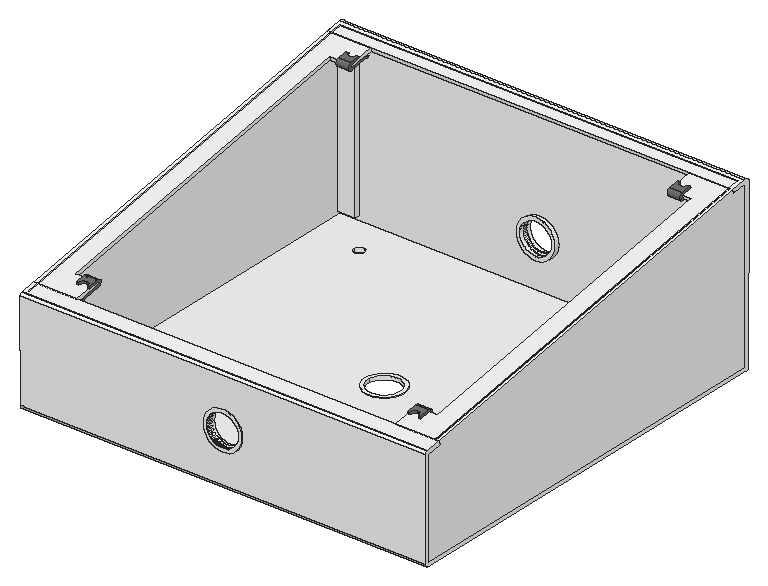
Revit family "SEA SERIES", category Communication Devices, Revit 2014
Parameters (values of type "SEA-18S")
  Width = 11.75"
  Warranty = "1 Year"
  URL = "https://www.atlasied.com"
  Specification by User (default) [instance] = "TBD"
  Regulatory Compliance = "UL Listed, 70V/100V Capable"
  Product Page URL = "https://www.atlasied.com/sea-i8s"
  Product Documentation Link = "https://www.atlasied.com/f/2864/ATS002382C%20IP%20Enclosures%20Datasheet.pdf"
  OmniClass Title = "AUDIO VISUAL ENCLOSURES"
  OmniClass Number = "23-37 27 15 13"
  Mount Material = QF_Rubber - Black - Smooth
  Model = "SEA-I8S"
  MaterFormat Title = "AUDIO VISUAL ENCLOSURES"
  MasterFormat = "27 42 19"
  Manufacturer URL = "https://www.atlasied.com"
  Manufacturer Phone = "(800) 876 - 3333"
  Manufacturer Email = "support@atlasied.com"
  Manufacturer Address = "4545 E. Baseline Rd., Phoenix, AZ 85042"
  Manufacturer = "ATLAS SOUND"
  Identify Quantity as Lot = yes
  IQ Category = "AUDIO VISUAL ENCLOSURES"
  Height = 5.00"
  Family Version = "2017-01"
  Family Code (default) = "LOUD SPEAKER ENCLOSURES"
  Enclosure Material = QF_Rubber - Black - Smooth
  Description = "SLANTED SURFACE MOUNT ENCLOSURE IS DESIGNED FOR USE ONLY WITH ATLAS SOUND LOUDSPEAKER SYSTEM MODELS I8S AND I8SM. THE SLOPE FRONT DESIGN ALLOWS FOR DIRECTIONAL SOUND DISPERSION. THE ENCLOSURE IS CONSTRUCTED OF 20-GAUGE CRS AND FINISHED IN TEXTURED WHITE EPOXY."
  Depth = 11.71"
  Cost MSRP = 0
  Cost = 0
  Color = QF_Plastic - White - Smooth
  Bottom Dimension = 3.00"
  Body Material = QF_Plastic - White - Smooth
Types (3): name | Width | Product Page URL | Model | Description | Depth | Bottom Dimension
  (no name) | 11.75" | "https://www.atlasied.com/sea-i8s" | "SEA-I8S" | "SLANTED SURFACE MOUNT ENCLOSURE IS DESIGNED FOR USE ONLY WITH ATLAS SOUND LOUDSPEAKER SYSTEM MODELS I8S AND I8SM. THE SLOPE FRONT DESIGN ALLOWS FOR DIRECTIONAL SOUND DISPERSION. THE ENCLOSURE IS CONSTRUCTED OF 20-GAUGE CRS AND FINISHED IN TEXTURED WHITE EPOXY." | 11.71" | 3.00"
  SEA-18S | 11.75" | "https://www.atlasied.com/sea-i8s" | "SEA-I8S" | "SLANTED SURFACE MOUNT ENCLOSURE IS DESIGNED FOR USE ONLY WITH ATLAS SOUND LOUDSPEAKER SYSTEM MODELS I8S AND I8SM. THE SLOPE FRONT DESIGN ALLOWS FOR DIRECTIONAL SOUND DISPERSION. THE ENCLOSURE IS CONSTRUCTED OF 20-GAUGE CRS AND FINISHED IN TEXTURED WHITE EPOXY." | 11.71" | 3.00"
  SEA-18SC | 13.00" | "https://www.atlasied.com/sea-i8sc\r\nhttps://www.atlasied.com/sea-i8sc\r\nhttps://www.atlasied.com/sea-i8sc\r\nhttps://www.atlasied.com/sea-i8sc\r\nhttps://www.atlasied.com/sea-i8sc" | "SEA-I8SC" | "STRAIGHT SURFACE MOUNT ENCLOSURE IS DESIGNED FOR USE ONLY WITH ATLAS SOUND LOUDSPEAKER SYSTEM MODELS I8SC AND I8SCM. THE UNIT PROVIDES AN ARCHITECTURALLY PLEASING APPEARANCE WITH CRISP LINES THAT BLEND WELL WITH MOST BUILDING INTERIORS. THE ENCLOSURE IS CONSTRUCTED OF 20-GAUGE CRS AND FINISHED IN RECLAIMED POWDER COAT FINISH.FEST-I8SCFLUSH MOUNT ENCLOSURE IS DESIGNED FOR USE ONLY WITH ATLAS SOUND LOUDSPEAKER SYSTEM MODELS I8SC, I8SCH, AND I8SCM. THE UNIT INCLUDES A SLOT STYLE MOUNTING SYSTEM TO ACCOMMODATE MOST ANY MATERIAL THICKNESS. THE ENCLOSURE IS CONSTRUCTED OF 20-GAUGE CRS AND FINISHED IN TEXTURED WHITE EPOXY.SEST-IHSTRAIGHT SURFACE MOUNT STAINLESS STEEL ENCLOSURE IS DESIGNED FOR USE ONLY WITH ATLAS SOUND LOUDSPEAKER SYSTEM MODEL IHVP. THE ENCLOSURE IS CONSTRUCTED OF 18-GAUGE STAINLESS STEEL AND FINISHED IN TEXTURED WHITE EPOXY.FEST-IHFLUSH MOUNT STAINLESS STEEL ENCLOSURE IS DESIGNED FOR USE ONLY WITH ATLAS SOUND LOUDSPEAKER SYSTEM MODEL IHVP. EXTERNAL MOUNTING WINGS ALLOW FOR EASY INSTALLATION INTO STUD MATERIAL. THE ENCLOSURE IS CONSTRUCTED OF 18-GAUGE STAINLESS STEEL. SEA SERIESSEST SERIESFEST SERIES" | 14.41" | 2.50"
Reference planes (in)
  plane 1 "BACK": y = 0
  plane 2: z = 0
  plane 3 "LEFT": x = 0
  plane 4 "RIGHT": x = 11.75
  plane 5 "FRONT": y = -11.71
  plane 6 "TOP": z = 5
  plane 7 "Center Y": x = 5.875
  plane 8 "Center X": y = -5.855
  plane 9: z = 2.5
Dimensions and locks (in)
  equal spacing: plane 3 "LEFT", plane 7 "Center Y", plane 4 "RIGHT"
  "Width": plane 3 "LEFT" to plane 4 "RIGHT"
  equal spacing: plane 5 "FRONT", plane 8 "Center X", plane 1 "BACK"
  "Depth": plane 5 "FRONT" to plane 1 "BACK"
  "Height": plane 6 "TOP" to level
  plane 5 "FRONT" to plane 1 "BACK" = 11.71"
  equal spacing: plane 6 "TOP", plane 9, level
  equal spacing: plane 4 "RIGHT", plane 7 "Center Y", plane 3 "LEFT"
  aligned and locked: level to plane 2
  aligned and locked: plane 7 "Center Y" to nested 1
  aligned and locked: nested 1 to plane 1 "BACK"
Nested families (in)
  nested 1: "SEA SERIES" at (0, -11.71, 0) x (1, 0, 0) z (0, 1, 0), type "SEA SERIES"
    with Specification by User (default) "TBD"
Definition of nested family "SEA SERIES"
  Parameters (values of type "SEA SERIES")
    Width = 11.75"
    Warranty = "TBD"
    URL = "TBD"
    Specification by User (default) [instance] = "TBD"
    Regulatory Compliance = "UL Listed, 70V/100V Capable"
    Product Page URL = "https://www.atlasied.com/sea-i8s"
    Product Documentation Link = "https://www.atlasied.com/f/2864/ATS002382C%20IP%20Enclosures%20Datasheet.pdf"
    Part Number = "SEA-I8S"
    OmniClass Title = "AUDIO VISUAL ENCLOSURES"
    OmniClass Number = "23-37 27 15 13"
    Mount Material = QF_Rubber - Black - Smooth
    Model = "SEA-I8S"
    MaterFormat Title = "AUDIO VISUAL ENCLOSURES"
    MasterFormat = "27 42 19"
    Manufacturer URL = "https://www.atlasied.com"
    Manufacturer Phone = "(800) 876 - 3333"
    Manufacturer Email = "support@atlasied.com"
    Manufacturer Address = "4545 E. Baseline Rd., Phoenix, AZ 85042"
    Manufacturer = "ATLAS SOUND"
    Ingress Protection = "TBD"
    Identify Quantity as Lot = yes
    IQ Category = "AUDIO VISUAL ENCLOSURES"
    Height = 11.71"
    Family Version = "2017-01"
    Family Code (default) = "LOUD SPEAKERS"
    Enclosure Material = QF_Rubber - Black - Smooth
    Description = "SLANTED SURFACE MOUNT ENCLOSURE IS DESIGNED FOR USE ONLY WITH ATLAS SOUND LOUDSPEAKER SYSTEM MODELS I8S AND I8SM. THE SLOPE FRONT DESIGN ALLOWS FOR DIRECTIONAL SOUND DISPERSION. THE ENCLOSURE IS CONSTRUCTED OF 20-GAUGE CRS AND FINISHED IN TEXTURED WHITE EPOXY."
    Depth = 5.00"
    Cost MSRP = 0
    Cost = 0
    Color = QF_Plastic - White - Smooth
    Bottom Dimension = 3.00"
    Body Material = QF_Plastic - White - Smooth
  Reference planes (in)
    plane 1 "BACK": y = 0
    plane 2: z = 0
    plane 3 "LEFT": x = 0
    plane 4 "RIGHT": x = 11.75
    plane 5 "FRONT": y = -5
    plane 6 "TOP": z = 11.71
    plane 7 "Center Y": x = 5.875
    plane 8 "Center X": y = -2.5
    plane 9: y = -3
    plane 10: y = -1.5
    plane 11: z = 5.855
  Forms (in)
    Extrusion 1, solid, material "QF_Plastic - White - Smooth" <- "Body Material"
      sketch origin (0, 0, 11.71) x (1, 0, 0) y (0, 0, 1)
        loop
          line (0.1, -0.24) -> (0.1, -11.528) -> (11.65, -11.528) -> (11.65, -0.24) -> (0.1, -0.24)
        loop
          line (0, -0.12) -> (0, -11.63) -> (11.75, -11.63) -> (11.75, -0.12) -> (0, -0.12)
      from 0.1 to 5
    Extrusion 2, void
      sketch origin (0, 0, 11.71) x (0, 0, 1) y (0, -1, 0)
        loop
          line (-11.63, 2.99984) -> (-0.12002, 5) -> (-11.63, 5) -> (-11.63, 2.99984)
      from 0 to 11.75 <- "Width"
    Extrusion 3, solid, material "QF_Plastic - White - Smooth" <- "Body Material"
      sketch origin (0, 0, 11.71) x (0, 0, 1) y (0, -1, 0)
        loop
          arc (-0.0772, 0) -> (-0.02367, 0.03142) -> (0, 0.08881) r 0.09737
          line (0, 0.08881) -> (0, 4.94009)
          arc (0, 4.94009) -> (-0.05236, 4.98535) -> (-0.12, 5) r 0.14003
          line (-0.12, 5) -> (-0.5578, 4.92391) -> (-0.54093, 4.82684) -> (-0.12, 4.9) -> (-0.12, 0.1) -> (-11.63, 0.1) -> (-11.63, 2.90038) -> (-11.18868, 2.97708) -> (-11.21, 3.07336) -> (-11.63234, 3)
          arc (-11.63234, 3) -> (-11.68037, 2.97733) -> (-11.71, 2.93325) r 0.09991
          line (-11.71, 2.93325) -> (-11.71, 0.08763)
          arc (-11.71, 0.08763) -> (-11.68682, 0.02846) -> (-11.63, 0) r 0.08866
          line (-11.63, 0) -> (-0.0772, 0)
      from 0 to 11.75 <- "Width"
    Extrusion 4, solid, material "QF_Plastic - White - Smooth" <- "Body Material"
      sketch origin (0, 0, 11.59) x (0, 0, 1) y (0, -1, 0)
        loop
          line (-0.12, 0.19853) -> (-0.12, 4.87968) -> (-0.24, 4.85882) -> (-0.24, 0.19853) -> (-0.12, 0.19853)
      from 0.1 to 0.63
    Extrusion 5, solid, material "QF_Metal - Stainless - Polished"
      sketch origin (11.75, 0, 0) x (0, -1, 0) y (0, 0, 1)
        loop
          line (0.1, 11.47) -> (0.1, 11.35) -> (4.85882, 11.35) -> (4.87968, 11.47) -> (0.1, 11.47)
      from 0.1 to 0.63
    Extrusion 6, solid, material "QF_Rubber - Black - Smooth" <- "Enclosure Material"
      sketch origin (1.25, -4.22964, 7.15692) x (0, -0.17121, 0.985235) y (0, -0.985235, -0.17121)
        loop
          line (3.61702, 0.00026) -> (3.61702, 0.05026) -> (3.32847, 0.05026)
          arc (3.32847, 0.05026) -> (3.22934, -0.04887) -> (3.32847, -0.148) r 0.09913
          line (3.32847, -0.148) -> (3.79386, -0.148) -> (3.91372, -0.1946) -> (3.93184, -0.148) -> (3.80324, -0.098) -> (3.32847, -0.098)
          arc (3.32847, -0.098) -> (3.27934, -0.04887) -> (3.32847, 0.00026) r 0.04913
          line (3.32847, 0.00026) -> (3.61702, 0.00026)
      from 0.005 to -0.36324
    Extrusion 7, solid, material "QF_Rubber - Black - Smooth" <- "Enclosure Material"
      sketch origin (1.25, -3.07243, 0.49769) x (0, -0.17121, 0.985235) y (0, -0.985235, -0.17121)
        loop
          line (0.46145, -0.00174) -> (0.75, -0.00174)
          arc (0.75, -0.00174) -> (0.79913, -0.05087) -> (0.75, -0.1) r 0.04913
          line (0.75, -0.1) -> (0.27523, -0.1) -> (0.14663, -0.15) -> (0.16475, -0.1966) -> (0.28461, -0.15) -> (0.75, -0.15)
          arc (0.75, -0.15) -> (0.84913, -0.05087) -> (0.75, 0.04826) r 0.09913
          line (0.75, 0.04826) -> (0.46145, 0.04826) -> (0.46145, -0.00174)
      from -0.36324 to 0.005
    Extrusion 8, solid, material "QF_Plastic - White - Smooth" <- "Body Material"
      sketch origin (11.75, 0, 0) x (0, -1, 0) y (0, 0, 1)
        loop
          line (0.1, 11.47) -> (0.1, 11.35) -> (4.85882, 11.35) -> (4.87968, 11.47) -> (0.1, 11.47)
      from 0.1 to 0.63
    Extrusion 9, solid, material "QF_Plastic - White - Smooth" <- "Body Material"
      sketch origin (0, -0.1, 11.71) x (-1, 0, 0) y (0, 0, 1)
        loop
          circle (-5.875, -5.855) r 0.5625
        loop
          circle (-5.875, -5.855) r 0.4625
      from 0 to 0.1
    Extrusion 10, solid, material "QF_Plastic - White - Smooth" <- "Body Material"
      sketch origin (0, -0.08881, 11.71) x (0, -1, 0) y (1, 0, 0)
        loop
          circle (1.411, 5.875) r 0.56
        loop
          circle (1.411, 5.875) r 0.46
      from -0.36 to -0.10816
    Extrusion 11, void
      sketch origin (0, 0, 0) x (1, 0, 0) y (0, 0, 1)
        loop
          circle (1.07088, 10.72049) r 0.11683
        loop
          circle (10.67912, 10.72049) r 0.11683
      from 4.53532 to 4.95392
    Extrusion 12, void
      sketch origin (0, -3, 0.07766) x (0, 0, -1) y (1, 0, 0)
        loop
          circle (-0.84698, 1.07088) r 0.13
        loop
          circle (-0.85529, 10.67912) r 0.13
      from -0.12616 to 0.39306
    Extrusion 13, void
      sketch origin (0, -2.93325, 0) x (0, -1, 0) y (1, 0, 0)
        loop
          circle (-1.43344, 5.875) r 0.46
      from 0 to 16.33494
    Extrusion 14, void
      sketch origin (0, 0, 0) x (1, 0, 0) y (0, 0, 1)
        loop
          circle (1.55124, 10.35745) r 0.15
      from 0 to 0.39821
    Extrusion 15, void
      sketch origin (11.75, 0, 0) x (-1, 0, 0) y (0, 0, -1)
        loop
          circle (1.55124, -10.35745) r 0.15
      from 0 to 0.39821
    Extrusion 16, void
      sketch origin (11.75, 0, 11.7) x (-1, 0, 0) y (0, 0, -1)
        loop
          circle (1.55124, 10.35745) r 0.15
      from 0 to 0.39821
    Extrusion 17, void
      sketch origin (0, 0, 11.7) x (1, 0, 0) y (0, 0, 1)
        loop
          circle (1.55124, -10.35745) r 0.15
      from 0 to 0.39821
    Extrusion 18, solid, material "QF_Plastic - White - Smooth" <- "Body Material"
      sketch origin (0, -5, 11.58998) x (0, 0.17121, -0.985235) y (1, 0, 0)
        loop
          line (0.43841, 0.1) -> (11.25854, 0.1) -> (11.25854, 1.25) -> (10.50854, 1.25) -> (10.50854, 0.63) -> (1.18841, 0.63) -> (1.18841, 1.25) -> (0.43841, 1.25) -> (0.43841, 0.1)
        loop
          line (0.43841, 11.65) -> (0.43841, 10.5) -> (1.18841, 10.5) -> (1.18841, 11.12) -> (10.50854, 11.12) -> (10.50854, 10.5) -> (11.25854, 10.5) -> (11.25854, 11.65) -> (0.43841, 11.65)
      from 0 to -0.1
    Extrusion 19, solid, material "QF_Rubber - Black - Smooth" <- "Enclosure Material"
      sketch origin (10.5, -4.79653, 10.41912) x (0, -0.17121, 0.985235) y (0, 0.985235, 0.17121)
        loop
          line (0.30593, -0.00026) -> (0.01738, -0.00026)
          arc (0.01738, -0.00026) -> (-0.03175, 0.04887) -> (0.01738, 0.098) r 0.04913
          line (0.01738, 0.098) -> (0.49214, 0.098) -> (0.62075, 0.148) -> (0.60263, 0.1946) -> (0.48277, 0.148) -> (0.01738, 0.148)
          arc (0.01738, 0.148) -> (-0.08175, 0.04887) -> (0.01738, -0.05026) r 0.09913
          line (0.01738, -0.05026) -> (0.30593, -0.05026) -> (0.30593, -0.00026)
      from 0.005 to -0.36324
    Extrusion 20, solid, material "QF_Rubber - Black - Smooth" <- "Enclosure Material"
      sketch origin (10.5, -3.07243, 0.49769) x (0, -0.17121, 0.985235) y (0, 0.985235, 0.17121)
        loop
          line (0.46145, 0.00174) -> (0.46145, -0.04826) -> (0.75, -0.04826)
          arc (0.75, -0.04826) -> (0.84913, 0.05087) -> (0.75, 0.15) r 0.09913
          line (0.75, 0.15) -> (0.28461, 0.15) -> (0.16475, 0.1966) -> (0.14663, 0.15) -> (0.27523, 0.1) -> (0.75, 0.1)
          arc (0.75, 0.1) -> (0.79913, 0.05087) -> (0.75, 0.00174) r 0.04913
          line (0.75, 0.00174) -> (0.46145, 0.00174)
      from -0.36324 to 0.005
    Extrusion 21, void
      sketch origin (0, -5, 0) x (1, 0, 0) y (0, 0, 1)
        loop
          circle (5.875, 5.855) r 0.4625
      from -5.03225 to -4.87893
    Extrusion 22, solid, material "QF_Plastic - White - Smooth" <- "Body Material"
      sketch origin (11.65, 0, 0.182) x (-1, 0, 0) y (0, -1, 0)
        loop
          circle (5.775, 1.49981) r 0.56
        loop
          circle (5.775, 1.49981) r 0.46
      from -0.182 to 0.07281
  Cuts and joins
    Extrusion 2, Extrusion 13 cuts Extrusion 1
    Extrusion 11, Extrusion 12, Extrusion 13, Extrusion 14, Extrusion 15, Extrusion 16, Extrusion 17, Extrusion 21 cuts Extrusion 3
    Extrusion 11 cuts Extrusion 6
    Extrusion 13 cuts Extrusion 10
    Extrusion 12 cuts Extrusion 20
    Extrusion 12 cuts Extrusion 7
    Extrusion 11 cuts Extrusion 19
  Lines and regions (in)
    symbolic lines
      curve 1: line (0, -5, 0) -> (0, 0, 0)
      curve 2: line (0, 0, 0) -> (11.75, 0, 0)
      curve 3: line (11.75, 0, 0) -> (11.75, -5, 0)
      curve 4: line (11.75, -5, 0) -> (0, -5, 0)
      curve 5: arc (5.875, -1.95981, 0) -> (5.41519, -1.5, 0) -> (5.875, -1.04019, 0) r 0.45981
      curve 6: arc (5.875, -1.04019, 0) -> (6.33481, -1.5, 0) -> (5.875, -1.95981, 0) r 0.45981
      curve 7: arc (5.875, -2.05981, 0) -> (6.43481, -1.5, 0) -> (5.875, -0.94019, 0) r 0.55981
      curve 8: arc (5.875, -0.94019, 0) -> (5.31519, -1.5, 0) -> (5.875, -2.05981, 0) r 0.55981
  Dimensions and locks (in)
    equal spacing: plane 3 "LEFT", plane 7 "Center Y", plane 4 "RIGHT"
    "Width": plane 3 "LEFT" to plane 4 "RIGHT"
    equal spacing: plane 5 "FRONT", plane 8 "Center X", plane 1 "BACK"
    "Depth": plane 5 "FRONT" to plane 1 "BACK"
    "Height": plane 6 "TOP" to level
    plane 5 "FRONT" to plane 1 "BACK" = 5.00"
    equal spacing: plane 9, plane 10, plane 1 "BACK"
    equal spacing: plane 6 "TOP", plane 11, level
    Extrusion 9 sketch curve to plane 11 = 0.00"
    Extrusion 9 sketch curve to plane 7 "Center Y" = 0.00"
    equal spacing: plane 4 "RIGHT", plane 7 "Center Y", plane 3 "LEFT"
    plane 4 "RIGHT" to plane 3 "LEFT" = 11.75"
    "Bottom Dimension": plane 9 to plane 1 "BACK"
    aligned and locked: level to plane 2
  Automatic sketch dimensions
    curve 5 to curve 6 = 0.00"  (x2)
    curve 5 to curve 7 = 0.00"  (x2)
    curve 5 to curve 8 = 0.00"  (x2)
    curve 6 to curve 7 = 0.00"  (x2)
    curve 6 to curve 8 = 0.00"  (x2)
    curve 7 to curve 8 = 0.00"  (x2)
    plane 1 "BACK" to curve 1 = 0.00"
    curve 1 to plane 3 "LEFT" = 0.00"
    curve 7 to plane 7 "Center Y" = 0.00"
    curve 3 to plane 4 "RIGHT" = 0.00"
    plane 5 "FRONT" to curve 3 = 0.00"
    curve 5 to plane 10 = 0.00"
    plane 8 "Center X" to curve 8 = 0.44019"
    curve 7 to curve 5 = 0.10"
    Extrusion 1 sketch curve to plane 3 "LEFT" = 0.00"
    plane 4 "RIGHT" to Extrusion 1 sketch curve = 0.00"
    plane 3 "LEFT" to Extrusion 1 sketch curve = 0.10"
    plane 4 "RIGHT" to Extrusion 1 sketch curve = 0.10"
    level to Extrusion 1 sketch curve = 0.08"
    Extrusion 1 sketch curve to Extrusion 1 sketch curve = 0.102"
    Extrusion 1 sketch curve to plane 6 "TOP" = 0.24"
    Extrusion 1 sketch curve to plane 6 "TOP" = 0.12"
    Extrusion 2 sketch curve to plane 5 "FRONT" = 0.00"
    level to Extrusion 2 sketch curve = 0.08"
    Extrusion 2 sketch curve to plane 6 "TOP" = 0.12002"
    plane 9 to Extrusion 2 sketch curve = 0.00016"
    Extrusion 3 sketch curve to level = 0.00"
    Extrusion 3 sketch curve to plane 9 = 0.00"
    Extrusion 3 sketch curve to plane 1 "BACK" = 0.00"
    Extrusion 3 sketch curve to plane 5 "FRONT" = 0.00"
    Extrusion 3 sketch curve to plane 6 "TOP" = 0.00"
    level to Extrusion 3 sketch curve = 0.07766"
    level to Extrusion 3 sketch curve = 0.08"  (x2)
    Extrusion 3 sketch curve to Extrusion 3 sketch curve = 0.00866"
    Extrusion 3 sketch curve to Extrusion 3 sketch curve = 0.01475"
    Extrusion 3 sketch curve to plane 9 = 0.07336"
    Extrusion 3 sketch curve to Extrusion 3 sketch curve = 0.42234"
    plane 9 to Extrusion 3 sketch curve = 0.02292"
    Extrusion 3 sketch curve to Extrusion 3 sketch curve = 0.02132"
    Extrusion 3 sketch curve to plane 5 "FRONT" = 0.07609"
    Extrusion 3 sketch curve to plane 6 "TOP" = 0.5578"
    Extrusion 3 sketch curve to plane 5 "FRONT" = 0.17316"
    Extrusion 3 sketch curve to Extrusion 3 sketch curve = 0.01687"
    Extrusion 3 sketch curve to plane 6 "TOP" = 0.12"
    Extrusion 3 sketch curve to Extrusion 3 sketch curve = 0.00509"
    Extrusion 3 sketch curve to Extrusion 3 sketch curve = 0.02284"
    Extrusion 3 sketch curve to plane 6 "TOP" = 0.0772"
    plane 1 "BACK" to Extrusion 3 sketch curve = 0.08763"
    plane 1 "BACK" to Extrusion 3 sketch curve = 0.08881"
    Extrusion 3 sketch curve to Extrusion 3 sketch curve = 0.01176"
    plane 9 to Extrusion 3 sketch curve = 0.09962"
    Extrusion 3 sketch curve to Extrusion 3 sketch curve = 0.00118"
    Extrusion 3 sketch curve to Extrusion 3 sketch curve = 0.03994"
    Extrusion 4 sketch curve to plane 6 "TOP" = 0.36"
    Extrusion 4 sketch curve to Extrusion 4 sketch curve = 0.12"
    plane 1 "BACK" to Extrusion 4 sketch curve = 0.19853"
    Extrusion 4 sketch curve to plane 5 "FRONT" = 0.14118"
    Extrusion 4 sketch curve to plane 5 "FRONT" = 0.12032"
    plane 1 "BACK" to Extrusion 5 sketch curve = 0.10"
    Extrusion 5 sketch curve to plane 5 "FRONT" = 0.14118"
    Extrusion 5 sketch curve to plane 5 "FRONT" = 0.12032"
    Extrusion 5 sketch curve to plane 6 "TOP" = 0.36"
    Extrusion 5 sketch curve to Extrusion 5 sketch curve = 0.12"
    Extrusion 6 sketch curve to Extrusion 6 sketch curve = 0.00"  (x2)
    Extrusion 18 to Extrusion 6 sketch curve = 0.01738"
    Extrusion 6 sketch curve to Extrusion 18 = 0.00026"
    Extrusion 6 sketch curve to Extrusion 6 sketch curve = 0.28855"
    Extrusion 6 sketch curve to Extrusion 18 = 0.048"  (x2)
    Extrusion 6 sketch curve to Extrusion 6 sketch curve = 0.17684"
    Extrusion 18 to Extrusion 6 sketch curve = 0.002"
    Extrusion 6 sketch curve to Extrusion 6 sketch curve = 0.00938"
    Extrusion 6 sketch curve to Extrusion 6 sketch curve = 0.11986"
    Extrusion 7 sketch curve to Extrusion 7 sketch curve = 0.00"  (x2)
    Extrusion 18 to Extrusion 7 sketch curve = 0.00"
    Extrusion 7 sketch curve to Extrusion 18 = 0.00"
    Extrusion 18 to Extrusion 7 sketch curve = 0.00174"
    Extrusion 7 sketch curve to Extrusion 18 = 0.28855"
    Extrusion 7 sketch curve to Extrusion 18 = 0.05"  (x2)
    Extrusion 7 sketch curve to Extrusion 7 sketch curve = 0.17684"
    Extrusion 7 sketch curve to Extrusion 7 sketch curve = 0.00938"
    Extrusion 7 sketch curve to Extrusion 7 sketch curve = 0.11986"
    plane 1 "BACK" to Extrusion 8 sketch curve = 0.10"
    Extrusion 8 sketch curve to plane 5 "FRONT" = 0.14118"
    Extrusion 8 sketch curve to plane 5 "FRONT" = 0.12032"
    Extrusion 8 sketch curve to plane 6 "TOP" = 0.36"
    Extrusion 8 sketch curve to Extrusion 8 sketch curve = 0.12"
    Extrusion 9 sketch curve to Extrusion 9 sketch curve = 0.00"  (x2)
    Extrusion 10 sketch curve to Extrusion 10 sketch curve = 0.00"  (x2)
    Extrusion 10 sketch curve to Extrusion 3 = 1.411"
    Extrusion 3 to Extrusion 10 sketch curve = 5.875"
    plane 3 "LEFT" to Extrusion 11 sketch curve = 1.07088"
    plane 4 "RIGHT" to Extrusion 11 sketch curve = 1.07088"
    Extrusion 11 sketch curve to plane 6 "TOP" = 0.98951"  (x2)
    level to Extrusion 12 sketch curve = 0.93294"
    level to Extrusion 12 sketch curve = 0.92463"
    plane 3 "LEFT" to Extrusion 12 sketch curve = 1.07088"
    plane 4 "RIGHT" to Extrusion 12 sketch curve = 1.07088"
    Extrusion 3 to Extrusion 13 sketch curve = 1.41218"
    Extrusion 13 sketch curve to Extrusion 3 = 5.875"
    plane 3 "LEFT" to Extrusion 14 sketch curve = 1.55124"
    Extrusion 14 sketch curve to plane 6 "TOP" = 1.35255"
    Extrusion 15 sketch curve to plane 4 "RIGHT" = 1.55124"
    plane 6 "TOP" to Extrusion 15 sketch curve = 1.35255"
    plane 4 "RIGHT" to Extrusion 16 sketch curve = 1.55124"
    level to Extrusion 16 sketch curve = 1.34255"
    Extrusion 17 sketch curve to plane 3 "LEFT" = 1.55124"
    Extrusion 17 sketch curve to level = 1.34255"
    Extrusion 2 to Extrusion 18 sketch curve = 0.10"  (x2)
    Extrusion 2 to Extrusion 18 sketch curve = 0.43841"  (x2)
    Extrusion 18 sketch curve to Extrusion 18 sketch curve = 0.75"  (x2)
    Extrusion 2 to Extrusion 18 sketch curve = 1.17394"  (x2)
    Extrusion 2 to Extrusion 18 sketch curve = 0.42394"  (x2)
    Extrusion 2 to Extrusion 18 sketch curve = 0.63"
    Extrusion 18 sketch curve to Extrusion 18 sketch curve = 0.62"  (x3)
    Extrusion 18 sketch curve to Extrusion 18 sketch curve = 1.15"
    Extrusion 2 to Extrusion 18 sketch curve = 1.25"
    Extrusion 19 sketch curve to Extrusion 19 sketch curve = 0.00"  (x2)
    Extrusion 19 sketch curve to Extrusion 18 = 0.01738"
    Extrusion 19 sketch curve to Extrusion 18 = 0.00026"
    Extrusion 19 sketch curve to Extrusion 19 sketch curve = 0.28855"
    Extrusion 19 sketch curve to Extrusion 18 = 0.048"  (x2)
    Extrusion 19 sketch curve to Extrusion 19 sketch curve = 0.17684"
    Extrusion 18 to Extrusion 19 sketch curve = 0.002"
    Extrusion 19 sketch curve to Extrusion 19 sketch curve = 0.00938"
    Extrusion 19 sketch curve to Extrusion 19 sketch curve = 0.11986"
    Extrusion 20 sketch curve to Extrusion 20 sketch curve = 0.00"  (x2)
    Extrusion 18 to Extrusion 20 sketch curve = 0.00"  (x2)
    Extrusion 18 to Extrusion 20 sketch curve = 0.00174"
    Extrusion 18 to Extrusion 20 sketch curve = 0.28855"
    Extrusion 20 sketch curve to Extrusion 18 = 0.05"  (x2)
    Extrusion 20 sketch curve to Extrusion 20 sketch curve = 0.17684"
    Extrusion 20 sketch curve to Extrusion 20 sketch curve = 0.00938"
    Extrusion 20 sketch curve to Extrusion 20 sketch curve = 0.11986"
    Extrusion 21 sketch curve to Extrusion 21 sketch curve = 0.00"  (x2)
    Extrusion 21 sketch curve to plane 11 = 0.00"
    Extrusion 21 sketch curve to plane 7 "Center Y" = 0.00"
    Extrusion 21 sketch curve to Extrusion 21 sketch curve = 0.4625"
    Extrusion 22 sketch curve to Extrusion 22 sketch curve = 0.00"  (x2)
    Extrusion 1 to Extrusion 22 sketch curve = 1.39981"
    Extrusion 22 sketch curve to Extrusion 1 = 5.775"
    radius of Extrusion 9 sketch curve = 0.5625"
    radius of Extrusion 9 sketch curve = 0.4625"
    radius of Extrusion 10 sketch curve = 0.56"
    radius of Extrusion 10 sketch curve = 0.46"
    radius of Extrusion 11 sketch curve = 0.11683"  (x2)
    radius of Extrusion 12 sketch curve = 0.13"  (x2)
    radius of Extrusion 13 sketch curve = 0.46"
    radius of Extrusion 14 sketch curve = 0.15"
    radius of Extrusion 15 sketch curve = 0.15"
    radius of Extrusion 16 sketch curve = 0.15"
    radius of Extrusion 17 sketch curve = 0.15"
    radius of Extrusion 22 sketch curve = 0.56"
    radius of Extrusion 22 sketch curve = 0.46"
